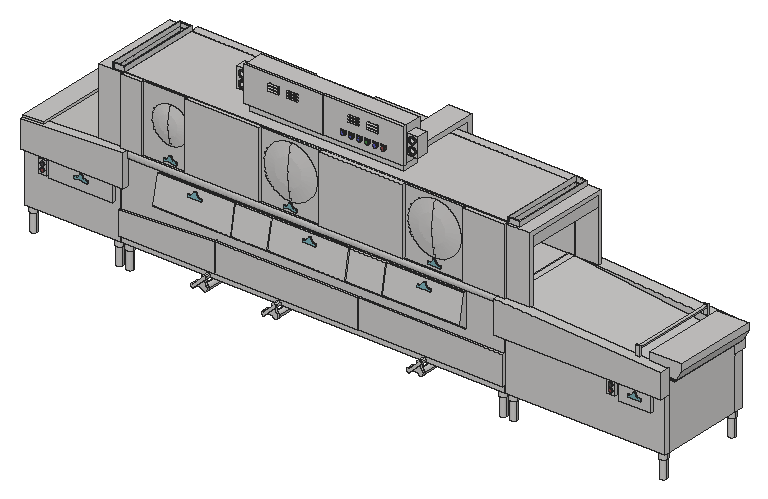
Revit family (continued)
Forms (in)
  Extrusion 127, solid, material "QF_Finishes_Stainless Steel"
    sketch origin (-18.125, -73.14175, 9.44389) x (1, 0, 0) y (0, 0.5, 0.866025)
      loop
        arc (52.28388, 77.875) -> (52.10082, 78.31694) -> (51.65888, 78.5) r 0.625
        line (51.65888, 78.5) -> (48.90888, 78.5)
        arc (48.90888, 78.5) -> (48.46693, 78.31694) -> (48.28388, 77.875) r 0.625
    from 0 to 0.125
  Extrusion 128, solid, material "QF_Finishes_Stainless Steel"
    sketch origin (-18.125, -73.14175, 8.44389) x (1, 0, 0) y (0, 0.5, 0.866025)
      loop
        line (48.28388, 77.875) -> (52.28388, 77.875)
        arc (52.28388, 77.875) -> (52.10082, 78.31694) -> (51.65888, 78.5) r 0.625
        line (51.65888, 78.5) -> (48.90888, 78.5)
        arc (48.90888, 78.5) -> (48.46693, 78.31694) -> (48.28388, 77.875) r 0.625
    from 0 to 0.125
  Extrusion 129, solid, material "QF_Finishes_Stainless Steel"
    sketch origin (89.44275, -73.14175, 10.44389) x (-1, 0, 0) y (0, -0.5, -0.866025)
      loop
        arc (48.28388, -77.875) -> (48.46693, -78.31694) -> (48.90888, -78.5) r 0.625
        line (48.90888, -78.5) -> (51.65888, -78.5)
        arc (51.65888, -78.5) -> (52.10082, -78.31694) -> (52.28388, -77.875) r 0.625
        line (52.28388, -77.875) -> (48.28388, -77.875)
    from 0 to 0.125
  Extrusion 130, solid, material "QF_Finishes_Stainless Steel"
    sketch origin (89.44275, -73.14175, 9.44389) x (-1, 0, 0) y (0, -0.5, -0.866025)
      loop
        arc (48.28388, -77.875) -> (48.46693, -78.31694) -> (48.90888, -78.5) r 0.625
        line (48.90888, -78.5) -> (51.65888, -78.5)
        arc (51.65888, -78.5) -> (52.10082, -78.31694) -> (52.28388, -77.875) r 0.625
        line (52.28388, -77.875) -> (48.28388, -77.875)
    from 0 to 0.125
  Extrusion 131, solid, material "QF_Finishes_Stainless Steel"
    sketch origin (89.44275, -73.14175, 8.44389) x (-1, 0, 0) y (0, -0.5, -0.866025)
      loop
        arc (48.28388, -77.875) -> (48.46693, -78.31694) -> (48.90888, -78.5) r 0.625
        line (48.90888, -78.5) -> (51.65888, -78.5)
        arc (51.65888, -78.5) -> (52.10082, -78.31694) -> (52.28388, -77.875) r 0.625
        line (52.28388, -77.875) -> (48.28388, -77.875)
    from 0 to 0.125
  Extrusion 132, solid, material "QF_Finishes_Stainless Steel"
    sketch origin (-39.90362, 0, 0) x (0, 1, 0) y (0, 0, 1)
      loop
        circle (-20.25, 7) r 1
      loop
        circle (-20.25, 7) r 1.125
    from 0 to 215.625
  Extrusion 133, solid, material "QF_Finishes_Stainless Steel", visible <- "Unload End Drain"
    sketch origin (-39.90362, 0, 0) x (0, 1, 0) y (0, 0, 1)
      loop
        circle (-20.25, 7) r 1
    from 0 to 0.125
  Extrusion 134, solid, material "QF_Finishes_Stainless Steel", visible <- "Load End Drain"
    sketch origin (175.72138, 0, 0) x (0, 1, 0) y (0, 0, 1)
      loop
        circle (-20.25, 7) r 1
    from 0 to -0.125
  Sweep 135, solid, material "QF_Finishes_Stainless Steel", visible <- "Cold Water Aqua Stat"
    path origin (-31.27862, 0, 0) x (0, 1, 0) y (0, 0, 1)
      loop
        line (-16.75, 9) -> (-16.75, 7.5)
        arc (-16.75, 7.5) -> (-16.31066, 6.43934) -> (-15.25, 6) r 1.5
        line (-15.25, 6) -> (-8.5, 6)
    profile origin (-31.27862, -16.75, 8.25) x (1, 0, 0) y (0, 1, 0)
      loop
        circle (0, 0) r 0.375
      loop
        circle (0, 0) r 0.5
  Sweep 136, solid, material "QF_Finishes_Stainless Steel", visible <- "Cold Water Aqua Stat"
    path origin (158.72138, 0, 0) x (0, 1, 0) y (0, 0, 1)
      loop
        line (-16.75, 9) -> (-16.75, 7.5)
        arc (-16.75, 7.5) -> (-16.31066, 6.43934) -> (-15.25, 6) r 1.5
        line (-15.25, 6) -> (-8.5, 6)
    profile origin (158.72138, -16.75, 8.25) x (1, 0, 0) y (0, 1, 0)
      loop
        circle (0, 0) r 0.5
      loop
        circle (0, 0) r 0.625
  Extrusion 137, void
    sketch origin (12, -26, 0) x (1, 0, 0) y (0, 0, 1)
      loop
        circle (10.72138, 78.5) r 0.5
    from 0 to 0.25
  Extrusion 138, solid, material "QF_Finishes_Stainless Steel"
    sketch origin (5, -20.25, 0) x (1, 0, 0) y (0, 0, 1)
      loop
        circle (7.73519, 7) r 1
      loop
        circle (7.73519, 7) r 1.125
    from 0 to 21.5
  Extrusion 139, solid, material "QF_Finishes_Stainless Steel"
    sketch origin (18, -20.25, 0) x (1, 0, 0) y (0, 0, 1)
      loop
        circle (21.23519, 7) r 1
      loop
        circle (21.23519, 7) r 1.125
    from 0 to 21.5
  Extrusion 140, solid, material "QF_Finishes_Stainless Steel"
    sketch origin (12.21533, -42, -3.41935) x (0.707107, 0, 0.707107) y (-0.707107, 0, 0.707107)
      loop
        arc (6.61019, 7) -> (7.73519, 5.875) -> (8.86019, 7) r 1.125
        arc (8.86019, 7) -> (9.29112, 8.22931) -> (10.48519, 8.75) r 1.62946
        line (10.48519, 8.75) -> (4.98519, 8.75)
        arc (4.98519, 8.75) -> (6.17925, 8.22931) -> (6.61019, 7) r 1.62946
    from -0.25 to 0.25
  Extrusion 141, solid, material "QF_Finishes_Stainless Steel"
    sketch origin (38.71533, -42, -3.41935) x (0.707107, 0, 0.707107) y (-0.707107, 0, 0.707107)
      loop
        line (4.73519, 8.75) -> (10.73519, 8.75)
        arc (10.73519, 8.75) -> (11.08874, 8.89645) -> (11.23519, 9.25) r 0.5
        line (11.23519, 9.25) -> (11.23519, 9.75)
        arc (11.23519, 9.75) -> (11.08874, 10.10355) -> (10.73519, 10.25) r 0.5
        line (10.73519, 10.25) -> (10.23519, 10.25)
        arc (10.23519, 10.25) -> (10.05841, 10.17678) -> (9.98519, 10) r 0.25
        line (9.98519, 10) -> (9.98519, 9.75) -> (5.48519, 9.75) -> (5.48519, 10)
        arc (5.48519, 10) -> (5.41196, 10.17678) -> (5.23519, 10.25) r 0.25
        line (5.23519, 10.25) -> (4.73519, 10.25)
        arc (4.73519, 10.25) -> (4.38163, 10.10355) -> (4.23519, 9.75) r 0.5
        line (4.23519, 9.75) -> (4.23519, 9.25)
        arc (4.23519, 9.25) -> (4.38163, 8.89645) -> (4.73519, 8.75) r 0.5
    from -1 to 1
  Extrusion 142, solid, material "QF_Finishes_Stainless Steel"
    sketch origin (38.71533, -42, -3.41935) x (0.707107, 0, 0.707107) y (-0.707107, 0, 0.707107)
      loop
        arc (6.61019, 7) -> (7.73519, 5.875) -> (8.86019, 7) r 1.125
        arc (8.86019, 7) -> (9.29112, 8.22931) -> (10.48519, 8.75) r 1.62946
        line (10.48519, 8.75) -> (4.98519, 8.75)
        arc (4.98519, 8.75) -> (6.17925, 8.22931) -> (6.61019, 7) r 1.62946
    from -0.25 to 0.25
  Extrusion 143, solid, material "QF_Finishes_Stainless Steel"
    sketch origin (79, -20.25, 0) x (1, 0, 0) y (0, 0, 1)
      loop
        circle (14.73519, 7) r 1
      loop
        circle (14.73519, 7) r 1.125
    from 0 to 21.5
  Extrusion 144, solid, material "QF_Finishes_Stainless Steel"
    sketch origin (93.21533, -42, -3.41935) x (0.707107, 0, 0.707107) y (-0.707107, 0, 0.707107)
      loop
        line (4.73519, 8.75) -> (10.73519, 8.75)
        arc (10.73519, 8.75) -> (11.08874, 8.89645) -> (11.23519, 9.25) r 0.5
        line (11.23519, 9.25) -> (11.23519, 9.75)
        arc (11.23519, 9.75) -> (11.08874, 10.10355) -> (10.73519, 10.25) r 0.5
        line (10.73519, 10.25) -> (10.23519, 10.25)
        arc (10.23519, 10.25) -> (10.05841, 10.17678) -> (9.98519, 10) r 0.25
        line (9.98519, 10) -> (9.98519, 9.75) -> (5.48519, 9.75) -> (5.48519, 10)
        arc (5.48519, 10) -> (5.41196, 10.17678) -> (5.23519, 10.25) r 0.25
        line (5.23519, 10.25) -> (4.73519, 10.25)
        arc (4.73519, 10.25) -> (4.38163, 10.10355) -> (4.23519, 9.75) r 0.5
        line (4.23519, 9.75) -> (4.23519, 9.25)
        arc (4.23519, 9.25) -> (4.38163, 8.89645) -> (4.73519, 8.75) r 0.5
    from -1 to 1
  Extrusion 145, solid, material "QF_Finishes_Stainless Steel"
    sketch origin (93.21533, -42, -3.41935) x (0.707107, 0, 0.707107) y (-0.707107, 0, 0.707107)
      loop
        arc (6.61019, 7) -> (7.73519, 5.875) -> (8.86019, 7) r 1.125
        arc (8.86019, 7) -> (9.29112, 8.22931) -> (10.48519, 8.75) r 1.62946
        line (10.48519, 8.75) -> (4.98519, 8.75)
        arc (4.98519, 8.75) -> (6.17925, 8.22931) -> (6.61019, 7) r 1.62946
    from -0.25 to 0.25
  Extrusion 146, solid, material "QF_Finishes_Stainless Steel"
    sketch origin (12.21533, -42, -3.41935) x (0.707107, 0, 0.707107) y (-0.707107, 0, 0.707107)
      loop
        line (4.73519, 8.75) -> (10.73519, 8.75)
        arc (10.73519, 8.75) -> (11.08874, 8.89645) -> (11.23519, 9.25) r 0.5
        line (11.23519, 9.25) -> (11.23519, 9.75)
        arc (11.23519, 9.75) -> (11.08874, 10.10355) -> (10.73519, 10.25) r 0.5
        line (10.73519, 10.25) -> (10.23519, 10.25)
        arc (10.23519, 10.25) -> (10.05841, 10.17678) -> (9.98519, 10) r 0.25
        line (9.98519, 10) -> (9.98519, 9.75) -> (5.48519, 9.75) -> (5.48519, 10)
        arc (5.48519, 10) -> (5.41196, 10.17678) -> (5.23519, 10.25) r 0.25
        line (5.23519, 10.25) -> (4.73519, 10.25)
        arc (4.73519, 10.25) -> (4.38163, 10.10355) -> (4.23519, 9.75) r 0.5
        line (4.23519, 9.75) -> (4.23519, 9.25)
        arc (4.23519, 9.25) -> (4.38163, 8.89645) -> (4.73519, 8.75) r 0.5
    from -1 to 1
  Extrusion 147, solid, material "QF_Finishes_Stainless Steel", visible <- "Feeder Line 2"
    sketch origin (12, -26, 0) x (1, 0, 0) y (0, 0, 1)
      loop
        circle (15.97138, 78.5) r 0.25
    from 0 to -0.0625
  Extrusion 148, solid, material "QF_Finishes_Stainless Steel", visible <- "Feeder Line 3"
    sketch origin (12.75, -26, 0) x (1, 0, 0) y (0, 0, 1)
      loop
        circle (15.97138, 78.5) r 0.25
    from 0 to -0.0625
  Extrusion 149, solid, material "QF_Finishes_Black", not visible
    sketch origin (0, -32.25, 0) x (1, 0, 0) y (0, 0, 1)
      loop
        circle (6.84638, 76.75) r 1.25
      loop
        circle (6.84638, 76.75) r 1
    from 0 to 0.25
  Extrusion 150, solid, material "QF_Finishes_White", not visible
    sketch origin (0, -32.25, 0) x (1, 0, 0) y (0, 0, 1)
      loop
        circle (6.84638, 76.75) r 1
    from 0 to 0.0625
  Extrusion 151, solid, material "QF_Finishes_Black", not visible
    sketch origin (33.66291, -34, -18.39967) x (1, 0, 0) y (0, 0, 1)
      loop
        line (19.62096, 91.02467) -> (17.62096, 91.02467) -> (17.62096, 90.77467) -> (19.62096, 90.77467) -> (19.62096, 91.02467)
      loop
        line (16.62096, 91.02467) -> (14.62096, 91.02467) -> (14.62096, 90.77467) -> (16.62096, 90.77467) -> (16.62096, 91.02467)
      loop
        line (20.62096, 91.02467) -> (20.62096, 90.77467) -> (22.62096, 90.77467) -> (22.62096, 91.02467) -> (20.62096, 91.02467)
      loop
        line (23.62096, 91.02467) -> (23.62096, 90.77467) -> (25.62096, 90.77467) -> (25.62096, 91.02467) -> (23.62096, 91.02467)
      loop
        line (13.62096, 91.02467) -> (11.62096, 91.02467) -> (11.62096, 90.77467) -> (13.62096, 90.77467) -> (13.62096, 91.02467)
      loop
        line (26.62096, 91.02467) -> (26.62096, 90.77467) -> (28.62096, 90.77467) -> (28.62096, 91.02467) -> (26.62096, 91.02467)
    from 0 to 0.25
  Extrusion 152, solid, material "QF_Finishes_Navy Blue", not visible
    sketch origin (34.03783, -34, -18.39967) x (1, 0, 0) y (0, 0, 1)
      loop
        circle (15.24605, 89.89967) r 0.625
    from 0.125 to 0.375
  Extrusion 153, solid, material "QF_Finishes_Navy Blue", not visible
    sketch origin (34.03783, -34, -18.39967) x (1, 0, 0) y (0, 0, 1)
      loop
        circle (18.24605, 89.89967) r 0.625
    from 0.125 to 0.375
  Extrusion 154, solid, material "QF_Finishes_LED Green", not visible
    sketch origin (34.03783, -34, -18.39967) x (1, 0, 0) y (0, 0, 1)
      loop
        circle (21.24605, 89.89967) r 0.625
    from 0.125 to 0.375
  Extrusion 155, solid, material "QF_Finishes_Navy Blue", not visible
    sketch origin (34.03783, -34, -18.39967) x (1, 0, 0) y (0, 0, 1)
      loop
        circle (24.24605, 89.89967) r 0.625
    from 0.125 to 0.375
  Extrusion 156, solid, material "QF_Finishes_Black", not visible
    sketch origin (34.03783, -34, -18.39967) x (1, 0, 0) y (0, 0, 1)
      loop
        line (15.99605, 89.89967) -> (15.99605, 90.77467) -> (14.49605, 90.77467) -> (14.49605, 89.89967)
        arc (14.49605, 89.89967) -> (15.24605, 89.14967) -> (15.99605, 89.89967) r 0.75
      loop
        line (18.99605, 89.89967) -> (18.99605, 90.77467) -> (17.49605, 90.77467) -> (17.49605, 89.89967)
        arc (17.49605, 89.89967) -> (18.24605, 89.14967) -> (18.99605, 89.89967) r 0.75
      loop
        line (21.99605, 89.89967) -> (21.99605, 90.77467) -> (20.49605, 90.77467) -> (20.49605, 89.89967)
        arc (20.49605, 89.89967) -> (21.24605, 89.14967) -> (21.99605, 89.89967) r 0.75
      loop
        line (24.99605, 89.89967) -> (24.99605, 90.77467) -> (23.49605, 90.77467) -> (23.49605, 89.89967)
        arc (23.49605, 89.89967) -> (24.24605, 89.14967) -> (24.99605, 89.89967) r 0.75
      loop
        line (12.99605, 89.89967) -> (12.99605, 90.77467) -> (11.49605, 90.77467) -> (11.49605, 89.89967)
        arc (11.49605, 89.89967) -> (12.24605, 89.14967) -> (12.99605, 89.89967) r 0.75
      loop
        line (27.99605, 89.89967) -> (27.99605, 90.77467) -> (26.49605, 90.77467) -> (26.49605, 89.89967)
        arc (26.49605, 89.89967) -> (27.24605, 89.14967) -> (27.99605, 89.89967) r 0.75
    from 0 to 0.125
  Extrusion 157, solid, material "QF_Finishes_Black", not visible
    sketch origin (0, -32.25, -3.5) x (1, 0, 0) y (0, 0, 1)
      loop
        circle (6.84638, 76.75) r 1.25
      loop
        circle (6.84638, 76.75) r 1
    from 0 to 0.25
  Extrusion 158, solid, material "QF_Finishes_White", not visible
    sketch origin (0, -32.25, -3.5) x (1, 0, 0) y (0, 0, 1)
      loop
        circle (6.84638, 76.75) r 1
    from 0 to 0.0625
  Extrusion 159, solid, material "QF_Finishes_Black", not visible
    sketch origin (63.875, -32.25, 0) x (1, 0, 0) y (0, 0, 1)
      loop
        circle (6.84638, 76.75) r 1.25
      loop
        circle (6.84638, 76.75) r 1
    from 0 to 0.25
  Extrusion 160, solid, material "QF_Finishes_White", not visible
    sketch origin (63.875, -32.25, 0) x (1, 0, 0) y (0, 0, 1)
      loop
        circle (6.84638, 76.75) r 1
    from 0 to 0.0625
  Extrusion 161, solid, material "QF_Finishes_Black", not visible
    sketch origin (63.875, -32.25, -3.5) x (1, 0, 0) y (0, 0, 1)
      loop
        circle (6.84638, 76.75) r 1.25
      loop
        circle (6.84638, 76.75) r 1
    from 0 to 0.25
  Extrusion 162, solid, material "QF_Finishes_White", not visible
    sketch origin (63.875, -32.25, -3.5) x (1, 0, 0) y (0, 0, 1)
      loop
        circle (6.84638, 76.75) r 1
    from 0 to 0.0625
  Extrusion 163, solid, material "QF_Finishes_Navy Blue", not visible
    sketch origin (31.03783, -34, -18.39967) x (1, 0, 0) y (0, 0, 1)
      loop
        circle (15.24605, 89.89967) r 0.625
    from 0.125 to 0.375
  Extrusion 164, solid, material "QF_Finishes_LED Red", not visible
    sketch origin (46.03783, -34, -18.39967) x (1, 0, 0) y (0, 0, 1)
      loop
        circle (15.24605, 89.89967) r 0.625
    from 0.125 to 0.375
  Extrusion 165, solid, material "QF_Finishes_Stainless Steel", not visible
    sketch origin (0, -73.14175, 10.44389) x (1, 0, 0) y (0, 0.5, 0.866025)
      loop
        line (48.28388, 77.875) -> (52.28388, 77.875)
        arc (52.28388, 77.875) -> (52.10082, 78.31694) -> (51.65888, 78.5) r 0.625
        line (51.65888, 78.5) -> (48.90888, 78.5)
        arc (48.90888, 78.5) -> (48.46693, 78.31694) -> (48.28388, 77.875) r 0.625
    from 0 to 0.125
  Extrusion 166, solid, material "QF_Finishes_Stainless Steel", not visible
    sketch origin (0, -73.14175, 9.44389) x (1, 0, 0) y (0, 0.5, 0.866025)
      loop
        line (48.28388, 77.875) -> (52.28388, 77.875)
        arc (52.28388, 77.875) -> (52.10082, 78.31694) -> (51.65888, 78.5) r 0.625
        line (51.65888, 78.5) -> (48.90888, 78.5)
        arc (48.90888, 78.5) -> (48.46693, 78.31694) -> (48.28388, 77.875) r 0.625
    from 0 to 0.125
  Extrusion 167, solid, material "QF_Finishes_Stainless Steel", not visible
    sketch origin (0, -73.14175, 8.44389) x (1, 0, 0) y (0, 0.5, 0.866025)
      loop
        line (48.28388, 77.875) -> (52.28388, 77.875)
        arc (52.28388, 77.875) -> (52.10082, 78.31694) -> (51.65888, 78.5) r 0.625
        line (51.65888, 78.5) -> (48.90888, 78.5)
        arc (48.90888, 78.5) -> (48.46693, 78.31694) -> (48.28388, 77.875) r 0.625
    from 0 to 0.125
  Extrusion 168, solid, material "QF_Finishes_Stainless Steel", not visible
    sketch origin (107.56775, -73.14175, 10.44389) x (-1, 0, 0) y (0, -0.5, -0.866025)
      loop
        arc (48.28388, -77.875) -> (48.46693, -78.31694) -> (48.90888, -78.5) r 0.625
        line (48.90888, -78.5) -> (51.65888, -78.5)
        arc (51.65888, -78.5) -> (52.10082, -78.31694) -> (52.28388, -77.875) r 0.625
        line (52.28388, -77.875) -> (48.28388, -77.875)
    from 0 to 0.125
  Extrusion 169, solid, material "QF_Finishes_Stainless Steel", not visible
    sketch origin (107.56775, -73.14175, 9.44389) x (-1, 0, 0) y (0, -0.5, -0.866025)
      loop
        arc (48.28388, -77.875) -> (48.46693, -78.31694) -> (48.90888, -78.5) r 0.625
        line (48.90888, -78.5) -> (51.65888, -78.5)
        arc (51.65888, -78.5) -> (52.10082, -78.31694) -> (52.28388, -77.875) r 0.625
        line (52.28388, -77.875) -> (48.28388, -77.875)
    from 0 to 0.125
  Extrusion 170, solid, material "QF_Finishes_Stainless Steel", not visible
    sketch origin (107.56775, -73.14175, 8.44389) x (-1, 0, 0) y (0, -0.5, -0.866025)
      loop
        arc (48.28388, -77.875) -> (48.46693, -78.31694) -> (48.90888, -78.5) r 0.625
        line (48.90888, -78.5) -> (51.65888, -78.5)
        arc (51.65888, -78.5) -> (52.10082, -78.31694) -> (52.28388, -77.875) r 0.625
        line (52.28388, -77.875) -> (48.28388, -77.875)
    from 0 to 0.125
  Extrusion 171, solid, material "QF_Finishes_Stainless Steel", not visible
    sketch origin (-30.125, -73.14175, 10.44389) x (1, 0, 0) y (0, 0.5, 0.866025)
      loop
        line (48.28388, 77.875) -> (52.28388, 77.875)
        arc (52.28388, 77.875) -> (52.10082, 78.31694) -> (51.65888, 78.5) r 0.625
        line (51.65888, 78.5) -> (48.90888, 78.5)
        arc (48.90888, 78.5) -> (48.46693, 78.31694) -> (48.28388, 77.875) r 0.625
    from 0 to 0.125
  Extrusion 172, solid, material "QF_Finishes_Stainless Steel", not visible
    sketch origin (-30.125, -73.14175, 9.44389) x (1, 0, 0) y (0, 0.5, 0.866025)
      loop
        line (48.28388, 77.875) -> (52.28388, 77.875)
        arc (52.28388, 77.875) -> (52.10082, 78.31694) -> (51.65888, 78.5) r 0.625
        line (51.65888, 78.5) -> (48.90888, 78.5)
        arc (48.90888, 78.5) -> (48.46693, 78.31694) -> (48.28388, 77.875) r 0.625
    from 0 to 0.125
  Extrusion 173, solid, material "QF_Finishes_Stainless Steel", not visible
    sketch origin (-30.125, -73.14175, 8.44389) x (1, 0, 0) y (0, 0.5, 0.866025)
      loop
        line (48.28388, 77.875) -> (52.28388, 77.875)
        arc (52.28388, 77.875) -> (52.10082, 78.31694) -> (51.65888, 78.5) r 0.625
        line (51.65888, 78.5) -> (48.90888, 78.5)
        arc (48.90888, 78.5) -> (48.46693, 78.31694) -> (48.28388, 77.875) r 0.625
    from 0 to 0.125
  Extrusion 174, solid, material "QF_Finishes_Stainless Steel", not visible
    sketch origin (77.44275, -73.14175, 10.44389) x (-1, 0, 0) y (0, -0.5, -0.866025)
      loop
        arc (48.28388, -77.875) -> (48.46693, -78.31694) -> (48.90888, -78.5) r 0.625
        line (48.90888, -78.5) -> (51.65888, -78.5)
        arc (51.65888, -78.5) -> (52.10082, -78.31694) -> (52.28388, -77.875) r 0.625
        line (52.28388, -77.875) -> (48.28388, -77.875)
    from 0 to 0.125
  Extrusion 175, solid, material "QF_Finishes_Stainless Steel", not visible
    sketch origin (77.44275, -73.14175, 9.44389) x (-1, 0, 0) y (0, -0.5, -0.866025)
      loop
        arc (48.28388, -77.875) -> (48.46693, -78.31694) -> (48.90888, -78.5) r 0.625
        line (48.90888, -78.5) -> (51.65888, -78.5)
        arc (51.65888, -78.5) -> (52.10082, -78.31694) -> (52.28388, -77.875) r 0.625
        line (52.28388, -77.875) -> (48.28388, -77.875)
    from 0 to 0.125
  Extrusion 176, solid, material "QF_Finishes_Stainless Steel", not visible
    sketch origin (77.44275, -73.14175, 8.44389) x (-1, 0, 0) y (0, -0.5, -0.866025)
      loop
        arc (48.28388, -77.875) -> (48.46693, -78.31694) -> (48.90888, -78.5) r 0.625
        line (48.90888, -78.5) -> (51.65888, -78.5)
        arc (51.65888, -78.5) -> (52.10082, -78.31694) -> (52.28388, -77.875) r 0.625
        line (52.28388, -77.875) -> (48.28388, -77.875)
    from 0 to 0.125
  Extrusion 177, solid, material "QF_Finishes_Stainless Steel", not visible
    sketch origin (5, -20.25, 0) x (1, 0, 0) y (0, 0, 1)
      loop
        circle (7.73519, 7) r 1
      loop
        circle (7.73519, 7) r 1.125
    from 0 to 21.5
  Extrusion 178, solid, material "QF_Finishes_Stainless Steel", not visible
    sketch origin (18, -20.25, 0) x (1, 0, 0) y (0, 0, 1)
      loop
        circle (21.23519, 7) r 1
      loop
        circle (21.23519, 7) r 1.125
    from 0 to 21.5
  Extrusion 179, solid, material "QF_Finishes_Stainless Steel", not visible
    sketch origin (12.21533, -42, -3.41935) x (0.707107, 0, 0.707107) y (-0.707107, 0, 0.707107)
      loop
        arc (6.61019, 7) -> (7.73519, 5.875) -> (8.86019, 7) r 1.125
        arc (8.86019, 7) -> (9.29112, 8.22931) -> (10.48519, 8.75) r 1.62946
        line (10.48519, 8.75) -> (4.98519, 8.75)
        arc (4.98519, 8.75) -> (6.17925, 8.22931) -> (6.61019, 7) r 1.62946
    from -0.25 to 0.25
  Extrusion 180, solid, material "QF_Finishes_Stainless Steel", not visible
    sketch origin (38.71533, -42, -3.41935) x (0.707107, 0, 0.707107) y (-0.707107, 0, 0.707107)
      loop
        line (4.73519, 8.75) -> (10.73519, 8.75)
        arc (10.73519, 8.75) -> (11.08874, 8.89645) -> (11.23519, 9.25) r 0.5
        line (11.23519, 9.25) -> (11.23519, 9.75)
        arc (11.23519, 9.75) -> (11.08874, 10.10355) -> (10.73519, 10.25) r 0.5
        line (10.73519, 10.25) -> (10.23519, 10.25)
        arc (10.23519, 10.25) -> (10.05841, 10.17678) -> (9.98519, 10) r 0.25
        line (9.98519, 10) -> (9.98519, 9.75) -> (5.48519, 9.75) -> (5.48519, 10)
        arc (5.48519, 10) -> (5.41196, 10.17678) -> (5.23519, 10.25) r 0.25
        line (5.23519, 10.25) -> (4.73519, 10.25)
        arc (4.73519, 10.25) -> (4.38163, 10.10355) -> (4.23519, 9.75) r 0.5
        line (4.23519, 9.75) -> (4.23519, 9.25)
        arc (4.23519, 9.25) -> (4.38163, 8.89645) -> (4.73519, 8.75) r 0.5
    from -1 to 1
  Extrusion 181, solid, material "QF_Finishes_Stainless Steel", not visible
    sketch origin (38.71533, -42, -3.41935) x (0.707107, 0, 0.707107) y (-0.707107, 0, 0.707107)
      loop
        arc (6.61019, 7) -> (7.73519, 5.875) -> (8.86019, 7) r 1.125
        arc (8.86019, 7) -> (9.29112, 8.22931) -> (10.48519, 8.75) r 1.62946
        line (10.48519, 8.75) -> (4.98519, 8.75)
        arc (4.98519, 8.75) -> (6.17925, 8.22931) -> (6.61019, 7) r 1.62946
    from -0.25 to 0.25
  Extrusion 182, solid, material "QF_Finishes_Stainless Steel", not visible
    sketch origin (79, -20.25, 0) x (1, 0, 0) y (0, 0, 1)
      loop
        circle (14.73519, 7) r 1
      loop
        circle (14.73519, 7) r 1.125
    from 0 to 21.5
  Extrusion 183, solid, material "QF_Finishes_Stainless Steel", not visible
    sketch origin (93.21533, -42, -3.41935) x (0.707107, 0, 0.707107) y (-0.707107, 0, 0.707107)
      loop
        line (4.73519, 8.75) -> (10.73519, 8.75)
        arc (10.73519, 8.75) -> (11.08874, 8.89645) -> (11.23519, 9.25) r 0.5
        line (11.23519, 9.25) -> (11.23519, 9.75)
        arc (11.23519, 9.75) -> (11.08874, 10.10355) -> (10.73519, 10.25) r 0.5
        line (10.73519, 10.25) -> (10.23519, 10.25)
        arc (10.23519, 10.25) -> (10.05841, 10.17678) -> (9.98519, 10) r 0.25
        line (9.98519, 10) -> (9.98519, 9.75) -> (5.48519, 9.75) -> (5.48519, 10)
        arc (5.48519, 10) -> (5.41196, 10.17678) -> (5.23519, 10.25) r 0.25
        line (5.23519, 10.25) -> (4.73519, 10.25)
        arc (4.73519, 10.25) -> (4.38163, 10.10355) -> (4.23519, 9.75) r 0.5
        line (4.23519, 9.75) -> (4.23519, 9.25)
        arc (4.23519, 9.25) -> (4.38163, 8.89645) -> (4.73519, 8.75) r 0.5
    from -1 to 1
  Extrusion 184, solid, material "QF_Finishes_Stainless Steel", not visible
    sketch origin (93.21533, -42, -3.41935) x (0.707107, 0, 0.707107) y (-0.707107, 0, 0.707107)
      loop
        arc (6.61019, 7) -> (7.73519, 5.875) -> (8.86019, 7) r 1.125
        arc (8.86019, 7) -> (9.29112, 8.22931) -> (10.48519, 8.75) r 1.62946
        line (10.48519, 8.75) -> (4.98519, 8.75)
        arc (4.98519, 8.75) -> (6.17925, 8.22931) -> (6.61019, 7) r 1.62946
    from -0.25 to 0.25
  Extrusion 185, solid, material "QF_Finishes_Stainless Steel", not visible
    sketch origin (12.21533, -42, -3.41935) x (0.707107, 0, 0.707107) y (-0.707107, 0, 0.707107)
      loop
        line (4.73519, 8.75) -> (10.73519, 8.75)
        arc (10.73519, 8.75) -> (11.08874, 8.89645) -> (11.23519, 9.25) r 0.5
        line (11.23519, 9.25) -> (11.23519, 9.75)
        arc (11.23519, 9.75) -> (11.08874, 10.10355) -> (10.73519, 10.25) r 0.5
        line (10.73519, 10.25) -> (10.23519, 10.25)
        arc (10.23519, 10.25) -> (10.05841, 10.17678) -> (9.98519, 10) r 0.25
        line (9.98519, 10) -> (9.98519, 9.75) -> (5.48519, 9.75) -> (5.48519, 10)
        arc (5.48519, 10) -> (5.41196, 10.17678) -> (5.23519, 10.25) r 0.25
        line (5.23519, 10.25) -> (4.73519, 10.25)
        arc (4.73519, 10.25) -> (4.38163, 10.10355) -> (4.23519, 9.75) r 0.5
        line (4.23519, 9.75) -> (4.23519, 9.25)
        arc (4.23519, 9.25) -> (4.38163, 8.89645) -> (4.73519, 8.75) r 0.5
    from -1 to 1
  Extrusion 186, solid, material "QF_Finishes_Stainless Steel", visible <- "Swing Doors"
    sketch origin (0, 0, 65.5) x (0, 1, 0) y (-1, 0, 0)
      loop
        line (-38.25, 13.27862) -> (-39, 13.27862) -> (-39, -2.59638) -> (-38.25, -2.59638) -> (-38.25, 13.27862)
    from 0 to -24.875
  Extrusion 187, solid, material "QF_Finishes_Stainless Steel", visible <- "Swing Doors"
    sketch origin (0, 0, 65.5) x (0, 1, 0) y (-1, 0, 0)
      loop
        line (-38.25, -30.72138) -> (-39, -30.72138) -> (-39, -41.65888) -> (-38.25, -41.65888) -> (-38.25, -30.72138)
    from 0 to -24.875
  Extrusion 188, solid, material "QF_Finishes_Stainless Steel", visible <- "Swing Doors"
    sketch origin (0, 0, 65.5) x (0, 1, 0) y (-1, 0, 0)
      loop
        line (-38.25, -41.78388) -> (-39, -41.78388) -> (-39, -52.72138) -> (-38.25, -52.72138) -> (-38.25, -41.78388)
    from 0 to -24.875
  Extrusion 189, solid, material "QF_Finishes_Stainless Steel", visible <- "Swing Doors"
    sketch origin (0, 0, 65.5) x (0, 1, 0) y (-1, 0, 0)
      loop
        line (-38.25, -84.72138) -> (-39, -84.72138) -> (-39, -95.65888) -> (-38.25, -95.65888) -> (-38.25, -84.72138)
    from 0 to -24.875
  Extrusion 190, solid, material "QF_Finishes_Stainless Steel", visible <- "Swing Doors"
    sketch origin (0, 0, 65.5) x (0, 1, 0) y (-1, 0, 0)
      loop
        line (-38.25, -95.78388) -> (-39, -95.78388) -> (-39, -106.72138) -> (-38.25, -106.72138) -> (-38.25, -95.78388)
    from 0 to -24.875
  Extrusion 191, solid, material "QF_Finishes_Stainless Steel", visible <- "Swing Doors"
    sketch origin (1.64366, 34, 62.4375) x (0, 1, 0) y (-1, 0, 0)
      loop
        circle (-73.25, -28.82772) r 0.25
    from 0 to -3
  Extrusion 192, solid, material "QF_Finishes_Stainless Steel", visible <- "Swing Doors"
    sketch origin (1.64366, 34, 45.8125) x (0, 1, 0) y (-1, 0, 0)
      loop
        circle (-73.25, -28.82772) r 0.25
    from 0 to -3
  Sweep 193, solid, material "QF_Finishes_Stainless Steel", visible <- "Swing Doors"
    path origin (40.28388, 53.39484, 58) x (0, 1, 0) y (0, 0, 1)
      loop
        line (-92.39484, -0.9375) -> (-93.01984, -0.9375)
        arc (-93.01984, -0.9375) -> (-93.37339, -1.08395) -> (-93.51984, -1.4375) r 0.5
        line (-93.51984, -1.4375) -> (-93.51984, -9.6875)
        arc (-93.51984, -9.6875) -> (-93.37339, -10.04105) -> (-93.01984, -10.1875) r 0.5
        line (-93.01984, -10.1875) -> (-92.39484, -10.1875)
    profile origin (40.28388, -39.3125, 57.0625) x (0, 0, -1) y (1, 0, 0)
      loop
        circle (0, 0) r 0.375
  Extrusion 194, solid, material "QF_Finishes_Stainless Steel", visible <- "Swing Doors"
    sketch origin (37.64366, 34, 62.4375) x (0, 1, 0) y (-1, 0, 0)
      loop
        circle (-73.25, -15.32772) r 0.25
    from 0 to -3
  Extrusion 195, solid, material "QF_Finishes_Stainless Steel", visible <- "Swing Doors"
    sketch origin (37.64366, 34, 45.8125) x (0, 1, 0) y (-1, 0, 0)
      loop
        circle (-73.25, -15.32772) r 0.25
    from 0 to -3
  Extrusion 196, solid, material "QF_Finishes_Stainless Steel", visible <- "Swing Doors"
    sketch origin (45.64366, 34, 62.4375) x (0, 1, 0) y (-1, 0, 0)
      loop
        circle (-73.25, -38.82772) r 0.25
    from 0 to -3
  Extrusion 197, solid, material "QF_Finishes_Stainless Steel", visible <- "Swing Doors"
    sketch origin (45.64366, 34, 45.8125) x (0, 1, 0) y (-1, 0, 0)
      loop
        circle (-73.25, -38.82772) r 0.25
    from 0 to -3
  Extrusion 198, solid, material "QF_Finishes_Stainless Steel", visible <- "Swing Doors"
    sketch origin (81.64366, 34, 62.4375) x (0, 1, 0) y (-1, 0, 0)
      loop
        circle (-73.25, -25.32772) r 0.25
    from 0 to -3
  Extrusion 199, solid, material "QF_Finishes_Stainless Steel", visible <- "Swing Doors"
    sketch origin (81.64366, 34, 45.8125) x (0, 1, 0) y (-1, 0, 0)
      loop
        circle (-73.25, -25.32772) r 0.25
    from 0 to -3
  Extrusion 200, solid, material "QF_Finishes_Stainless Steel", visible <- "Swing Doors"
    sketch origin (-26.60634, 34, 62.4375) x (0, 1, 0) y (-1, 0, 0)
      loop
        circle (-73.25, -13.07772) r 0.25
    from 0 to -3
  Extrusion 201, solid, material "QF_Finishes_Stainless Steel", visible <- "Swing Doors"
    sketch origin (-26.60634, 34, 45.8125) x (0, 1, 0) y (-1, 0, 0)
      loop
        circle (-73.25, -13.07772) r 0.25
    from 0 to -3
  Sweep 202, solid, material "QF_Finishes_Stainless Steel", visible <- "Swing Doors"
    path origin (1.28388, 45.33582, 48) x (0, 1, 0) y (0, 0, 1)
      loop
        line (-84.33582, 9.0625) -> (-84.96082, 9.0625)
        arc (-84.96082, 9.0625) -> (-85.31438, 8.91605) -> (-85.46082, 8.5625) r 0.5
        line (-85.46082, 8.5625) -> (-85.46082, 0.3125)
        arc (-85.46082, 0.3125) -> (-85.31438, -0.04105) -> (-84.96082, -0.1875) r 0.5
        line (-84.96082, -0.1875) -> (-84.33582, -0.1875)
    profile origin (1.28388, -39.3125, 57.0625) x (0, 0, -1) y (1, 0, 0)
      loop
        circle (0, 0) r 0.375
  Sweep 203, solid, material "QF_Finishes_Stainless Steel", visible <- "Swing Doors"
    path origin (43.15888, 53.39484, 48) x (0, 1, 0) y (0, 0, 1)
      loop
        line (-92.39484, 9.0625) -> (-93.01984, 9.0625)
        arc (-93.01984, 9.0625) -> (-93.37339, 8.91605) -> (-93.51984, 8.5625) r 0.5
        line (-93.51984, 8.5625) -> (-93.51984, 0.3125)
        arc (-93.51984, 0.3125) -> (-93.37339, -0.04105) -> (-93.01984, -0.1875) r 0.5
        line (-93.01984, -0.1875) -> (-92.39484, -0.1875)
    profile origin (43.15888, -39.3125, 57.0625) x (0, 0, -1) y (1, 0, 0)
      loop
        circle (0, 0) r 0.375
  Sweep 204, solid, material "QF_Finishes_Stainless Steel", visible <- "Swing Doors"
    path origin (94.28388, 53.39484, 48) x (0, 1, 0) y (0, 0, 1)
      loop
        line (-92.39484, 9.0625) -> (-93.01984, 9.0625)
        arc (-93.01984, 9.0625) -> (-93.37339, 8.91605) -> (-93.51984, 8.5625) r 0.5
        line (-93.51984, 8.5625) -> (-93.51984, 0.3125)
        arc (-93.51984, 0.3125) -> (-93.37339, -0.04105) -> (-93.01984, -0.1875) r 0.5
        line (-93.01984, -0.1875) -> (-92.39484, -0.1875)
    profile origin (94.28388, -39.3125, 57.0625) x (0, 0, -1) y (1, 0, 0)
      loop
        circle (0, 0) r 0.375
  Sweep 205, solid, material "QF_Finishes_Stainless Steel", visible <- "Swing Doors"
    path origin (97.15888, 53.39484, 48) x (0, 1, 0) y (0, 0, 1)
      loop
        line (-92.39484, 9.0625) -> (-93.01984, 9.0625)
        arc (-93.01984, 9.0625) -> (-93.37339, 8.91605) -> (-93.51984, 8.5625) r 0.5
        line (-93.51984, 8.5625) -> (-93.51984, 0.3125)
        arc (-93.51984, 0.3125) -> (-93.37339, -0.04105) -> (-93.01984, -0.1875) r 0.5
        line (-93.01984, -0.1875) -> (-92.39484, -0.1875)
    profile origin (97.15888, -39.3125, 57.0625) x (0, 0, -1) y (1, 0, 0)
      loop
        circle (0, 0) r 0.375
  Extrusion 206, solid, material "QF_Finishes_Clearances", visible <- "Standard Doors", detail levels coarse
    sketch origin (0, 0, 65.5) x (0, 1, 0) y (-1, 0, 0)
      loop
        line (-38.25, 13.52862) -> (-39, 13.52862) -> (-39, -2.72138) -> (-38.25, -2.72138) -> (-38.25, 13.52862)
    from 0 to 28
  Extrusion 207, solid, material "QF_Finishes_Clearances", visible <- "Standard Doors", detail levels coarse
    sketch origin (0, 0, 65.5) x (0, 1, 0) y (-1, 0, 0)
      loop
        line (-38.25, -30.47138) -> (-39, -30.47138) -> (-39, -52.97138) -> (-38.25, -52.97138) -> (-38.25, -30.47138)
    from 0 to 28
  Extrusion 208, solid, material "QF_Finishes_Clearances", visible <- "Standard Doors", detail levels coarse
    sketch origin (44, 0, 65.5) x (0, 1, 0) y (-1, 0, 0)
      loop
        line (-38.25, -40.47138) -> (-39, -40.47138) -> (-39, -62.97138) -> (-38.25, -62.97138) -> (-38.25, -40.47138)
    from 0 to 28
  Sweep 209, solid, material "QF_Finishes_Stainless Steel", visible <- "Booster Heater"
    path origin (146.72138, 20.50153, 48) x (0, 1, 0) y (0, 0, 1)
      loop
        line (-37.25153, -39) -> (-37.25153, -40.5)
        arc (-37.25153, -40.5) -> (-36.81219, -41.56066) -> (-35.75153, -42) r 1.5
        line (-35.75153, -42) -> (-29.00153, -42)
    profile origin (146.72138, -16.75, 8.25) x (1, 0, 0) y (0, 1, 0)
      loop
        circle (0, 0) r 0.375
      loop
        circle (0, 0) r 0.5
  Extrusion 210, solid, material "QF_Finishes_Stainless Steel", visible <- "Booster Heater"
    sketch origin (92, -3, 0) x (1, 0, 0) y (0, 0, 1)
      loop
        circle (42.72138, 11) r 0.25
    from 0 to -0.0625
  Extrusion 211, solid, material "QF_Finishes_Stainless Steel"
    sketch origin (80.47138, 0, 0) x (0, 1, 0) y (0, 0, 1)
      loop
        line (-26, 68.5) -> (-1.75, 68.5) -> (-1.75, 18.25) -> (-3, 18.25) -> (-3, 16.5) -> (0, 16.5) -> (0, 70.25) -> (-26, 70.25) -> (-26, 68.5)
    from -1.25 to -9.75
Cuts and joins
  Extrusion 31 cuts Extrusion 28
  Extrusion 31 cuts Extrusion 29
  Extrusion 35 cuts Extrusion 32
  Extrusion 35 cuts Extrusion 33
  Extrusion 137 cuts Extrusion 99
  Extrusion 137 cuts Extrusion 100
Lines and regions (in)
  symbolic lines
    curve 1: line (-57.40362, -1.5, 65.5) -> (-18.77862, -1.5, 65.5)
    curve 2: line (-57.40362, -3, 65.5) -> (70.72138, -3, 65.5)
    curve 3: line (182.72138, -41, 65.5) -> (182.72138, -1.5, 65.5)
    curve 4: line (182.72138, -1.5, 65.5) -> (120.22138, -1.5, 65.5)
    curve 5: line (120.22138, -1.5, 65.5) -> (120.22138, -3, 65.5)
    curve 6: line (-57.40362, -1.5, 65.5) -> (-57.40362, -41, 65.5)
    curve 7: line (-57.40362, -41, 65.5) -> (-18.77862, -41, 65.5)
    curve 8: line (-18.77862, -41, 65.5) -> (-18.77862, -39, 65.5)
    curve 9: line (122.72138, -39, 65.5) -> (-49.40362, -39, 65.5)
    curve 10: line (-57.40362, -39.875, 65.5) -> (-49.40362, -39.875, 65.5)
    curve 11: line (-49.40362, -39.875, 65.5) -> (-49.40362, -3.375, 65.5)
    curve 12: line (-49.40362, -3.375, 65.5) -> (-57.40362, -3.375, 65.5)
    curve 13: line (-49.40362, -6, 65.5) -> (-30.27862, -6, 65.5)
    curve 14: line (-21.27862, -3, 65.5) -> (-21.27862, -39, 65.5)
    curve 15: line (-21.27862, -5, 65.5) -> (-30.27862, -5, 65.5)
    curve 16: line (-30.27862, -5, 65.5) -> (-30.27862, -38.25, 65.5)
    curve 17: line (-30.27862, -38.25, 65.5) -> (-21.27862, -38.25, 65.5)
    curve 18: line (-21.27862, -37.25, 65.5) -> (-25.40362, -37.25, 65.5)
    curve 19: line (-25.40362, -37.25, 65.5) -> (-25.40362, -6, 65.5)
    curve 20: line (-25.40362, -6, 65.5) -> (-21.27862, -6, 65.5)
    curve 21: line (23.22138, -3, 65.5) -> (23.22138, -4, 65.5)
    curve 22: line (23.22138, -4, 65.5) -> (45.72138, -4, 65.5)
    curve 23: line (45.72138, -4, 65.5) -> (45.72138, -3, 65.5)
    curve 24: line (120.22138, -41, 65.5) -> (182.72138, -41, 65.5)
    curve 25: line (182.72138, -37.25, 65.5) -> (131.72138, -37.25, 65.5)
    curve 26: line (131.72138, -37.25, 65.5) -> (131.72138, -38.25, 65.5)
    curve 27: line (131.72138, -38.25, 65.5) -> (122.72138, -38.25, 65.5)
    curve 28: line (122.72138, -39, 65.5) -> (122.72138, -3, 65.5)
    curve 29: line (120.22138, -39, 65.5) -> (120.22138, -41, 65.5)
    curve 30: line (122.72138, -37.25, 65.5) -> (126.84638, -37.25, 65.5)
    curve 31: line (126.84638, -37.25, 65.5) -> (126.84638, -6, 65.5)
    curve 32: line (126.84638, -6, 65.5) -> (122.72138, -6, 65.5)
    curve 33: line (122.72138, -5, 65.5) -> (131.72138, -5, 65.5)
    curve 34: line (131.72138, -5, 65.5) -> (131.72138, -37.25, 65.5)
    curve 35: line (108.22138, -39, 65.5) -> (108.22138, -42, 65.5)
    curve 36: line (108.22138, -42, 65.5) -> (79.22138, -42, 65.5)
    curve 37: line (79.22138, -42, 65.5) -> (79.22138, -39, 65.5)
    curve 38: line (78.97138, -38.93512, 65.5) -> (78.97138, -42, 65.5)
    curve 39: line (78.97138, -42, 65.5) -> (65.47138, -42, 65.5)
    curve 40: line (65.47138, -42, 65.5) -> (65.47138, -39, 65.5)
    curve 41: line (65.22138, -39, 65.5) -> (65.22138, -42, 65.5)
    curve 42: line (65.22138, -42, 65.5) -> (36.22138, -42, 65.5)
    curve 43: line (36.22138, -42, 65.5) -> (36.22138, -39, 65.5)
    curve 44: line (35.97138, -39, 65.5) -> (35.97138, -42, 65.5)
    curve 45: line (35.97138, -42, 65.5) -> (22.47138, -42, 65.5)
    curve 46: line (22.47138, -42, 65.5) -> (22.47138, -39, 65.5)
    curve 47: line (22.22138, -39, 65.5) -> (22.22138, -42, 65.5)
    curve 48: line (22.22138, -42, 65.5) -> (-6.77862, -42, 65.5)
    curve 49: line (-6.77862, -42, 65.5) -> (-6.77862, -39, 65.5)
    curve 50: line (-13.52862, -39, 65.5) -> (-13.52862, -38.25, 65.5)
    curve 51: line (-13.52862, -38.25, 65.5) -> (2.72138, -38.25, 65.5)
    curve 52: line (2.72138, -38.25, 65.5) -> (2.72138, -39, 65.5)
    curve 59: line (20.72138, -34, 65.5) -> (80.72138, -34, 65.5)
    curve 60: line (80.72138, -34, 65.5) -> (80.72138, -33, 65.5)
    curve 61: line (80.72138, -33, 65.5) -> (20.72138, -33, 65.5)
    curve 62: line (20.72138, -33, 65.5) -> (20.72138, -34, 65.5)
    curve 63: line (20.97138, -33, 65.5) -> (20.97138, -26, 65.5)
    curve 64: line (20.97138, -26, 65.5) -> (80.47138, -26, 65.5)
    curve 65: line (80.47138, -26, 65.5) -> (80.47138, -33, 65.5)
    curve 66: line (80.47138, -28.25, 65.5) -> (84.72138, -28.25, 65.5)
    curve 67: line (84.72138, -28.25, 65.5) -> (84.72138, -32.25, 65.5)
    curve 68: line (84.72138, -32.25, 65.5) -> (80.47138, -32.25, 65.5)
    curve 69: line (20.97138, -28.25, 65.5) -> (16.72138, -28.25, 65.5)
    curve 70: line (16.72138, -28.25, 65.5) -> (16.72138, -32.25, 65.5)
    curve 71: line (16.72138, -32.25, 65.5) -> (20.97138, -32.25, 65.5)
    curve 109: line (-18.77862, -1.5, 65.5) -> (-18.77862, -3, 65.5)
    curve 110: line (170.97138, -37.25, 65.5) -> (170.97138, -37.75, 65.5)
    curve 111: line (170.97138, -37.75, 65.5) -> (172.47138, -37.75, 65.5)
    curve 112: line (172.47138, -37.75, 65.5) -> (172.47138, -37.25, 65.5)
    curve 113: line (172.22138, -37.25, 65.5) -> (172.22138, -6, 65.5)
    curve 114: line (172.47138, -6, 65.5) -> (172.47138, -5.5, 65.5)
    curve 115: line (172.47138, -5.5, 65.5) -> (170.97138, -5.5, 65.5)
    curve 116: line (170.97138, -5.5, 65.5) -> (170.97138, -6, 65.5)
    curve 117: line (171.22138, -6, 65.5) -> (171.22138, -37.25, 65.5)
    curve 118: line (182.72138, -6, 65.5) -> (131.72138, -6, 65.5)
    curve 123: line (185.22138, -6, 65.5) -> (185.22138, -37.25, 65.5)
    curve 124: line (182.72138, -6, 65.5) -> (185.22138, -6, 65.5)
    curve 125: line (185.22138, -37.25, 65.5) -> (182.72138, -37.25, 65.5)
    curve 126: line (-57.40362, -6, 65.5) -> (-59.90362, -6, 65.5)
    curve 127: line (-59.90362, -6, 65.5) -> (-59.90362, -37.25, 65.5)
    curve 128: line (-59.90362, -37.25, 65.5) -> (-57.40362, -37.25, 65.5)
    curve 132: line (70.72138, -26, 65.5) -> (70.72138, 0, 65.5)
    curve 133: line (70.72138, 0, 65.5) -> (79.22138, 0, 65.5)
    curve 134: line (79.22138, 0, 65.5) -> (79.22138, -26, 65.5)
    curve 135: line (79.22138, -3, 65.5) -> (182.72138, -3, 65.5)
  symbolic lines, visible <- "Standard Doors"
    curve 53: line (30.47138, -39, 65.5) -> (30.47138, -38.25, 65.5)
    curve 54: line (30.47138, -38.25, 65.5) -> (52.97138, -38.25, 65.5)
    curve 55: line (52.97138, -38.25, 65.5) -> (52.97138, -39, 65.5)
    curve 56: line (84.47138, -39, 65.5) -> (84.47138, -38.25, 65.5)
    curve 57: line (84.47138, -38.25, 65.5) -> (106.97138, -38.25, 65.5)
    curve 58: line (106.97138, -38.25, 65.5) -> (106.97138, -39, 65.5)
  symbolic lines, visible <- "Swing Doors"
    curve 72: line (1.65888, -39, 65.5) -> (1.65888, -40.125, 65.5)
    curve 73: line (0.90888, -39, 65.5) -> (0.90888, -40.125, 65.5)
    curve 74: arc (0.90888, -40.125, 65.5) -> (1.28388, -40.5, 65.5) -> (1.65888, -40.125, 65.5) r 0.375
    curve 75: line (40.65888, -39, 65.5) -> (40.65888, -40.125, 65.5)
    curve 76: line (39.90888, -39, 65.5) -> (39.90888, -40.125, 65.5)
    curve 77: arc (39.90888, -40.125, 65.5) -> (40.28388, -40.5, 65.5) -> (40.65888, -40.125, 65.5) r 0.375
    curve 78: line (42.78388, -39, 65.5) -> (42.78388, -40.125, 65.5)
    curve 79: line (43.53388, -39, 65.5) -> (43.53388, -40.125, 65.5)
    curve 80: arc (43.53388, -40.125, 65.5) -> (43.15888, -40.5, 65.5) -> (42.78388, -40.125, 65.5) r 0.375
    curve 81: line (93.90888, -39, 65.5) -> (93.90888, -40.125, 65.5)
    curve 82: line (94.65888, -39, 65.5) -> (94.65888, -40.125, 65.5)
    curve 83: arc (94.65888, -40.125, 65.5) -> (94.28388, -40.5, 65.5) -> (93.90888, -40.125, 65.5) r 0.375
    curve 84: line (96.78388, -39, 65.5) -> (96.78388, -40.125, 65.5)
    curve 85: line (97.53388, -39, 65.5) -> (97.53388, -40.125, 65.5)
    curve 86: arc (97.53388, -40.125, 65.5) -> (97.15888, -40.5, 65.5) -> (96.78388, -40.125, 65.5) r 0.375
    curve 90: line (41.65888, -38.25, 65.5) -> (41.65888, -39, 65.5)
    curve 91: line (41.78388, -38.25, 65.5) -> (41.78388, -39, 65.5)
    curve 92: line (41.65888, -38.25, 65.5) -> (30.47138, -38.25, 65.5)
    curve 93: line (30.47138, -39, 65.5) -> (30.47138, -38.25, 65.5)
    curve 94: line (41.78388, -38.25, 65.5) -> (52.97138, -38.25, 65.5)
    curve 95: line (52.97138, -38.25, 65.5) -> (52.97138, -39, 65.5)
    curve 99: line (84.47138, -39, 65.5) -> (84.47138, -38.25, 65.5)
    curve 100: line (84.47138, -38.25, 65.5) -> (95.65888, -38.25, 65.5)
    curve 101: line (95.65888, -38.25, 65.5) -> (95.65888, -39, 65.5)
    curve 102: line (95.78388, -39, 65.5) -> (95.78388, -38.25, 65.5)
    curve 103: line (95.78388, -38.25, 65.5) -> (106.97138, -38.25, 65.5)
    curve 104: line (106.97138, -38.25, 65.5) -> (106.97138, -39, 65.5)
  symbolic lines, style "QF_Clearances", visible <- "Swing Doors", detail levels coarse
    curve 87: line (-13.52862, -55.25, 65.5) -> (-13.52862, -39, 65.5)
    curve 88: arc (-13.52862, -55.25, 65.5) -> (-2.03814, -50.49049, 65.5) -> (2.72138, -39, 65.5) r 16.25
    curve 89: line (30.47138, -39, 65.5) -> (30.47138, -50.1875, 65.5)
    curve 96: arc (30.47138, -50.1875, 65.5) -> (38.38213, -46.91076, 65.5) -> (41.65888, -39, 65.5) r 11.1875
    curve 97: line (52.97138, -39, 65.5) -> (52.97138, -50.1875, 65.5)
    curve 98: arc (52.97138, -50.1875, 65.5) -> (45.06062, -46.91076, 65.5) -> (41.78388, -39, 65.5) r 11.1875
    curve 105: line (84.47138, -50.1875, 65.5) -> (84.47138, -39, 65.5)
    curve 106: arc (84.47138, -50.1875, 65.5) -> (92.38213, -46.91076, 65.5) -> (95.65888, -39, 65.5) r 11.1875
    curve 107: line (106.97138, -50.1875, 65.5) -> (106.97138, -39, 65.5)
    curve 108: arc (106.97138, -50.1875, 65.5) -> (99.06062, -46.91076, 65.5) -> (95.78388, -39, 65.5) r 11.1875
  symbolic lines, visible <- "Unload Removable Cover"
    curve 119: line (182.72138, -6, 65.5) -> (187.72138, -6, 65.5)
    curve 120: line (187.72138, -6, 65.5) -> (187.72138, -37.25, 65.5)
    curve 121: line (187.72138, -37.25, 65.5) -> (182.72138, -37.25, 65.5)
    curve 122: line (175.72138, -37.25, 65.5) -> (175.72138, -6, 65.5)
  symbolic lines, style "QF_Surface Details"
    curve 129: line (11.45902, -13.95855, 52.4375) -> (40.45902, -13.95855, 52.4375)
    curve 130: line (40.45902, -13.95855, 52.4375) -> (35.95902, -11.46416, 52.4375)
    curve 131: line (40.45902, -13.95855, 52.4375) -> (35.95902, -16.45294, 52.4375)
Dimensions and locks (in)
  "Depth": plane 5 "FRONT" to plane 1 "BACK"
  "Power Scrapper Width": plane 3 "LEFT" to plane 6 "Right of Power Scrapper"
  "Power Wash Width": plane 6 "Right of Power Scrapper" to plane 7 "Right of Power Wash"
  "Final Rinse Width": plane 7 "Right of Power Wash" to plane 4 "RIGHT"
  locked: plane 8 "Load Vent" to plane 3 "LEFT" at 9
  locked: plane 4 "RIGHT" to plane 9 "Unload Vent" at 9
  locked: plane 10 "Top of Machine" to level at 65.5
  locked: plane 11 "Table Height" to level at 34
  locked: plane 13 "Middle of Machine" to level at 40.625
  locked: plane 3 "LEFT" to plane 14 "Left of Bottom" at 2.5
  locked: plane 15 "Right of Bottom" to plane 4 "RIGHT" at 2.5
  locked: plane 12 "Bottom of Machine" to level at 9
  locked: plane 16 to plane 17 at 0.375
  locked: plane 17 to plane 18 at 13.25
  locked: plane 13 "Middle of Machine" to plane 16 at 2.5
  locked: plane 18 to plane 19 at 2.25
  locked: plane 19 to plane 20 at 10.75
  locked: plane 21 "Back of Main Body" to plane 1 "BACK" at 3
  locked: plane 5 "FRONT" to plane 22 "Front of Main Body" at 3
  equal spacing: plane 3 "LEFT", plane 23, plane 6 "Right of Power Scrapper"
  equal spacing: plane 6 "Right of Power Scrapper", plane 24, plane 7 "Right of Power Wash"
  equal spacing: plane 7 "Right of Power Wash", plane 25, plane 4 "RIGHT"
  "Power Scrapper Door": plane 26 to plane 27
  equal spacing: plane 28, plane 24, plane 29
  equal spacing: plane 30, plane 25, plane 31
  "Power Wash Door": plane 28 to plane 29
  "Power Rinse Door": plane 30 to plane 31
  locked: plane 22 "Front of Main Body" to plane 32 "Front of Inside" at 1.75
  locked: plane 33 "Back of Inside" to plane 21 "Back of Main Body" at 3
  locked: plane 3 "LEFT" to plane 26 at 7.75
  locked: plane 3 "LEFT" to plane 34 at 44.5
  locked: plane 34 to plane 35 at 22.5
  locked: plane 14 "Left of Bottom" to plane 36 at 12
  locked: plane 36 to plane 37 at 29
  locked: plane 37 to plane 38 at 14
  locked: plane 38 to plane 39 at 29
  locked: plane 40 to plane 38 at 0.25
  locked: plane 39 to plane 41 at 0.25
  plane 44 to plane 7 "Right of Power Wash" to plane 45 = 0' - 0 1/8" locked, 0' - 0 1/8" locked
  plane 42 to plane 6 "Right of Power Scrapper" to plane 43 = 0' - 0 1/8" locked, 0' - 0 1/8" locked
  locked: plane 10 "Top of Machine" to plane 46 at 5.25
  locked: plane 47 to plane 10 "Top of Machine" at 1.75
  locked: plane 49 to plane 48 at 4
  locked: plane 48 to plane 3 "LEFT" at 0.125
  locked: plane 51 to plane 50 at 4
  locked: plane 4 "RIGHT" to plane 51 at 0.125
  "Load Section Width": plane 52 to plane 3 "LEFT"
  locked: plane 53 to plane 52 at 2.5
  locked: plane 54 to plane 52 at 1
  plane 52 to plane 55 = 0' - 8"
  locked: plane 13 "Middle of Machine" to plane 56 at 12.125
  locked: plane 56 to plane 57 at 0.5
  locked: plane 57 to plane 58 at 6
  locked: plane 59 to plane 60 at 24
  "ONOFF Switch": plane 52 to plane 62
  locked: plane 62 to plane 61 at 3
  locked: Extrusion 56 sketch curve to plane 62 at 1.5
  locked: Extrusion 57 sketch curve to plane 62 at 1.5
  locked: Extrusion 54 sketch curve to plane 59 at 9.50172
  locked: plane 60 to Extrusion 54 sketch curve at 9.50242
  locked: plane 60 to plane 3 "LEFT" at 2.125
  "Unload Section Width": plane 4 "RIGHT" to plane 63
  locked: plane 63 to plane 64 at 1
  locked: plane 63 to plane 65 at 2.5
  locked: plane 63 to plane 66 at 5
  locked: plane 67 to plane 66 at 12
  locked: plane 68 to plane 63 at 11
  Extrusion 66 sketch curve to plane 68 to Extrusion 66 sketch curve = 0' - 0 3/4" locked, 0' - 0 3/4" locked
  Extrusion 67 sketch curve to plane 68 to Extrusion 67 sketch curve = 0' - 0 3/4" locked, 0' - 0 3/4" locked
  locked: plane 70 to plane 69 at 12
  locked: plane 69 to plane 63 at 4.5
  locked: Extrusion 70 sketch curve to plane 70 at 3.50172
  locked: plane 69 to Extrusion 70 sketch curve at 3.50242
  locked: plane 71 to plane 70 at 1.5
  locked: plane 72 to plane 71 at 3
  locked: plane 57 to Extrusion 71 sketch curve at 5
  locked: Extrusion 72 sketch curve to plane 72 at 1.5
  locked: Extrusion 73 sketch curve to plane 72 at 1.5
  plane 22 "Front of Main Body" to plane 21 "Back of Main Body" = 3' - 0"
  locked: Extrusion 74 sketch curve to plane 21 "Back of Main Body" at 1.9375
  locked: plane 52 to Extrusion 74 sketch curve at 1.9375
  locked: plane 52 to Extrusion 75 sketch curve at 1.9375
  locked: Extrusion 75 sketch curve to plane 21 "Back of Main Body" at 1.9375
  locked: plane 52 to Extrusion 76 sketch curve at 1.9375
  locked: plane 22 "Front of Main Body" to Extrusion 76 sketch curve at 1.9375
  locked: plane 52 to Extrusion 77 sketch curve at 1.9375
  locked: plane 22 "Front of Main Body" to Extrusion 77 sketch curve at 1.9375
  locked: Extrusion 78 sketch curve to plane 3 "LEFT" at 1.9375
  locked: Extrusion 78 sketch curve to plane 21 "Back of Main Body" at 1.9375
  locked: Extrusion 79 sketch curve to plane 3 "LEFT" at 1.9375
  locked: Extrusion 79 sketch curve to plane 21 "Back of Main Body" at 1.9375
  locked: Extrusion 80 sketch curve to plane 3 "LEFT" at 1.9375
  locked: plane 22 "Front of Main Body" to Extrusion 80 sketch curve at 1.9375
  locked: Extrusion 81 sketch curve to plane 3 "LEFT" at 1.9375
  locked: plane 22 "Front of Main Body" to Extrusion 81 sketch curve at 1.9375
  locked: plane 3 "LEFT" to Extrusion 84 sketch curve at 1.9375
  locked: plane 22 "Front of Main Body" to Extrusion 84 sketch curve at 1.9375
  locked: plane 22 "Front of Main Body" to Extrusion 85 sketch curve at 1.9375
  locked: plane 3 "LEFT" to Extrusion 85 sketch curve at 1.9375
  locked: plane 3 "LEFT" to Extrusion 83 sketch curve at 1.9375
  locked: Extrusion 83 sketch curve to plane 21 "Back of Main Body" at 1.9375
  locked: plane 3 "LEFT" to Extrusion 82 sketch curve at 1.9375
  locked: Extrusion 82 sketch curve to plane 21 "Back of Main Body" at 1.9375
  locked: Extrusion 86 sketch curve to plane 4 "RIGHT" at 1.9375
  locked: Extrusion 86 sketch curve to plane 21 "Back of Main Body" at 1.9375
  locked: Extrusion 87 sketch curve to plane 4 "RIGHT" at 1.9375
  locked: Extrusion 87 sketch curve to plane 21 "Back of Main Body" at 1.9375
  locked: plane 4 "RIGHT" to Extrusion 91 sketch curve at 1.9375
  locked: Extrusion 91 sketch curve to plane 21 "Back of Main Body" at 1.9375
  locked: plane 4 "RIGHT" to Extrusion 90 sketch curve at 1.9375
  locked: Extrusion 90 sketch curve to plane 21 "Back of Main Body" at 1.9375
  locked: Extrusion 88 sketch curve to plane 4 "RIGHT" at 1.9375
  locked: plane 22 "Front of Main Body" to Extrusion 88 sketch curve at 1.9375
  locked: plane 22 "Front of Main Body" to Extrusion 89 sketch curve at 1.9375
  locked: Extrusion 89 sketch curve to plane 4 "RIGHT" at 1.9375
  locked: plane 4 "RIGHT" to Extrusion 92 sketch curve at 1.9375
  locked: plane 22 "Front of Main Body" to Extrusion 92 sketch curve at 1.9375
  locked: plane 4 "RIGHT" to Extrusion 93 sketch curve at 1.9375
  locked: plane 22 "Front of Main Body" to Extrusion 93 sketch curve at 1.9375
  locked: Extrusion 94 sketch curve to plane 63 at 1.9375
  locked: Extrusion 94 sketch curve to plane 21 "Back of Main Body" at 1.9375
  locked: Extrusion 95 sketch curve to plane 63 at 1.9375
  locked: Extrusion 95 sketch curve to plane 21 "Back of Main Body" at 1.9375
  locked: plane 22 "Front of Main Body" to Extrusion 97 sketch curve at 1.9375
  locked: Extrusion 97 sketch curve to plane 63 at 1.9375
  locked: Extrusion 96 sketch curve to plane 63 at 1.9375
  locked: plane 22 "Front of Main Body" to Extrusion 96 sketch curve at 1.9375
  locked: plane 22 "Front of Main Body" to plane 73 at 6.5
  locked: plane 73 to plane 74 at 6
  plane 3 "LEFT" to plane 75 = 3' - 7"
  locked: plane 75 to plane 76 at 58
  locked: plane 77 to plane 10 "Top of Machine" at 3
  locked: plane 78 to plane 77 at 2.875
  locked: plane 79 to plane 78 at 7.25
  locked: plane 80 to plane 77 at 13
  equal spacing: plane 75, plane 81, plane 76
  plane 82 to plane 81 to plane 83 = 0' - 0 1/8" locked, 0' - 0 1/8" locked
  locked: plane 84 to plane 75 at 1
  locked: plane 76 to plane 85 at 1
  locked: plane 85 to plane 86 at 4
  locked: plane 87 to plane 84 at 4
  locked: plane 74 to plane 88 "Back of Elec Box" at 0.5
  locked: plane 89 to plane 73 at 0.5
  locked: plane 77 to plane 91 at 0.25
  locked: plane 80 to plane 92 at 0.25
  locked: plane 84 to plane 93 at 0.25
  locked: plane 94 "Right of Control Box" to plane 85 at 0.25
  locked: plane 89 to plane 95 "Front of LR Panels" at 0.75
  locked: plane 95 "Front of LR Panels" to plane 96 at 4
  locked: plane 97 "Drain" to level at 7
  locked: plane 52 to plane 98 "Left Drain" at 17.5
  locked: plane 99 "Right Drain" to plane 63 at 7
  locked: plane 100 "Drain CL" to plane 21 "Back of Main Body" at 17.25
  locked: plane 101 "Utilities" to level at 6
  locked: plane 102 "Cold Water" to plane 3 "LEFT" at 10
  locked: plane 103 "Utility to Machine" to plane 21 "Back of Main Body" at 13.75
  locked: plane 103 "Utility to Machine" to plane 104 "Utilities Point of Connection" at 8.25
  locked: plane 4 "RIGHT" to plane 105 "Building Hot Water" at 36
  locked: Extrusion 137 sketch curve to plane 84 at 2
  locked: Extrusion 137 sketch curve to plane 10 "Top of Machine" at 13
  locked: Extrusion 140 to Extrusion 146 sketch curve at 1
  locked: Extrusion 179 to Extrusion 185 sketch curve at 1
  locked: plane 26 to plane 106 at 0.25
  locked: plane 107 to plane 27 at 0.125
  locked: plane 108 to plane 27 at 1.4375
  locked: plane 28 to plane 109 at 0.25
  locked: plane 110 to plane 24 at 0.0625
  locked: plane 24 to plane 111 at 0.0625
  locked: plane 114 to plane 24 at 1.4375
  locked: plane 24 to plane 113 at 1.4375
  locked: plane 112 to plane 29 at 0.25
  locked: plane 30 to plane 115 at 0.25
  locked: plane 118 to plane 31 at 0.25
  locked: plane 25 to plane 117 at 0.0625
  locked: plane 116 to plane 25 at 0.0625
  locked: plane 120 to plane 25 at 1.4375
  locked: plane 25 to plane 119 at 1.4375
  locked: plane 121 "Standard Door Clearance" to plane 10 "Top of Machine" at 28
  plane 4 "RIGHT" to plane 122 = 2' - 0"
  locked: plane 122 to nested 5
  locked: plane 4 "RIGHT" to nested 4 at 12
  locked: Extrusion 210 sketch curve to plane 4 "RIGHT" at 12
  locked: Extrusion 210 sketch curve to level at 11
  locked: plane 37 to plane 123 at 0.25
  locked: plane 125 to plane 124 at 0.25
  locked: plane 39 to plane 124 at 14
  locked: plane 124 to plane 126 at 29
  aligned and locked: level to plane 2
  aligned and locked: plane 12 "Bottom of Machine" to Extrusion 1 sketch curve
  aligned and locked: plane 3 "LEFT" to Extrusion 1 sketch curve
  aligned and locked: plane 14 "Left of Bottom" to Extrusion 1 sketch curve
  aligned and locked: Extrusion 1 sketch curve to plane 15 "Right of Bottom"
  aligned and locked: Extrusion 1 sketch curve to plane 4 "RIGHT"
  aligned and locked: Extrusion 1 to plane 21 "Back of Main Body"
  aligned and locked: Extrusion 1 sketch curve to plane 16
  aligned and locked: Extrusion 2 sketch curve to plane 13 "Middle of Machine"
  aligned and locked: plane 16 to Extrusion 2 sketch curve
